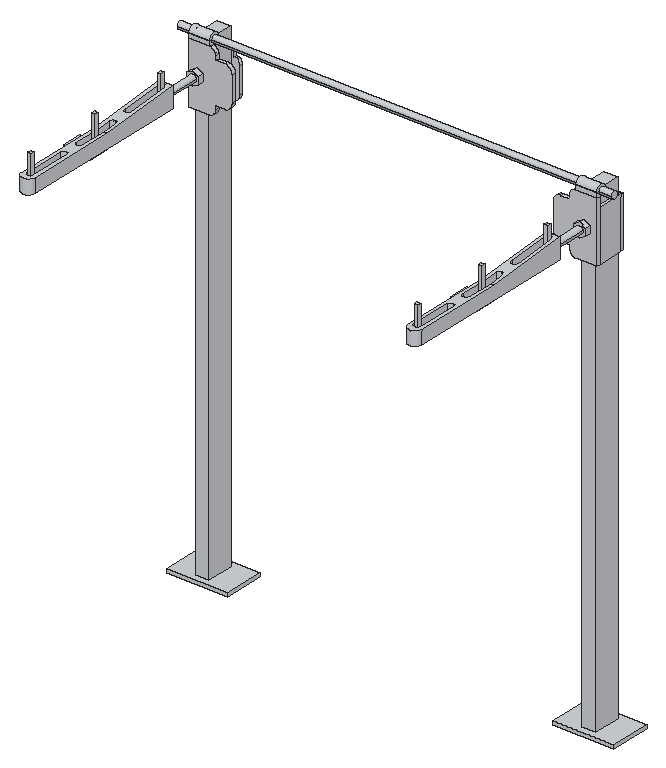
Revit family
Parameters (values of type "MC-41")
  Model = "MC-42"
  Manufacturer = "MIFAB"
  Description = "Lavatory Carrier"
Reference planes (in)
  plane 1 "Center (Front/Back)": y = 0
  plane 2: z = 0
  plane 3 "Center (Left/Right)": x = 0
Forms (in)
  Extrusion 1, solid
    sketch origin (0, 0, 0) x (1, 0, 0) y (0, 1, 0)
      loop
        line (-16.49824, 1.5) -> (-16.49824, -1.5) -> (-11.99824, -1.5) -> (-11.99824, 1.5) -> (-16.49824, 1.5)
      loop
        line (16.50176, 1.5) -> (12.00176, 1.5) -> (12.00176, -1.5) -> (16.50176, -1.5) -> (16.50176, 1.5)
    from 0 to 0.25
  Extrusion 2, solid
    sketch origin (0, 0, 0) x (1, 0, 0) y (0, 1, 0)
      loop
        line (-14.74824, 1) -> (-14.74824, -1) -> (-13.74824, -1) -> (-13.74824, 1) -> (-14.74824, 1)
      loop
        line (14.75176, 1) -> (13.75176, 1) -> (13.75176, -1) -> (14.75176, -1) -> (14.75176, 1)
    from 0.25 to 36
  Extrusion 3, solid
    sketch origin (0, 0, 0) x (1, 0, 0) y (0, 0, 1)
      loop
        line (-15.01765, 35.70792) -> (-15.01765, 31.20792) -> (-13.5084, 31.20792)
        arc (-13.5084, 31.20792) -> (-13.18348, 31.3425) -> (-13.0489, 31.66742) r 0.4595
        line (-13.0489, 31.66742) -> (-13.0489, 31.95792) -> (-12.40223, 31.95792)
        arc (-12.40223, 31.95792) -> (-11.99771, 32.12548) -> (-11.83015, 32.53) r 0.57208
        line (-11.83015, 32.53) -> (-11.83015, 34.38583)
        arc (-11.83015, 34.38583) -> (-11.99771, 34.79036) -> (-12.40223, 34.95792) r 0.57208
        line (-12.40223, 34.95792) -> (-13.0489, 34.95792) -> (-13.0489, 35.24842)
        arc (-13.0489, 35.24842) -> (-13.18348, 35.57333) -> (-13.5084, 35.70792) r 0.4595
        line (-13.5084, 35.70792) -> (-15.01765, 35.70792)
      loop
        line (15.02118, 35.70792) -> (13.51193, 35.70792)
        arc (13.51193, 35.70792) -> (13.18701, 35.57333) -> (13.05243, 35.24842) r 0.4595
        line (13.05243, 35.24842) -> (13.05243, 34.95792) -> (12.40576, 34.95792)
        arc (12.40576, 34.95792) -> (12.00124, 34.79036) -> (11.83368, 34.38583) r 0.57208
        line (11.83368, 34.38583) -> (11.83368, 32.53)
        arc (11.83368, 32.53) -> (12.00124, 32.12548) -> (12.40576, 31.95792) r 0.57208
        line (12.40576, 31.95792) -> (13.05243, 31.95792) -> (13.05243, 31.66742)
        arc (13.05243, 31.66742) -> (13.18701, 31.3425) -> (13.51193, 31.20792) r 0.4595
        line (13.51193, 31.20792) -> (15.02118, 31.20792) -> (15.02118, 35.70792)
    from 1 to 1.25
  Extrusion 4, solid
    sketch origin (0, 0, 0) x (1, 0, 0) y (0, 1, 0)
      loop
        line (-15.01765, 1.17222) -> (-15.01765, -1) -> (-14.74824, -1) -> (-14.74824, 1.17222) -> (-15.01765, 1.17222)
      loop
        line (15.02118, 1.17222) -> (14.75176, 1.17222) -> (14.75176, -1) -> (15.02118, -1) -> (15.02118, 1.17222)
    from 31.20792 to 34.95792
  Extrusion 5, solid
    sketch origin (0, 0, 0) x (1, 0, 0) y (0, 0, 1)
      loop
        line (13.51193, 31.20792) -> (15.02118, 31.20792) -> (15.02118, 34.95792) -> (13.51193, 34.95792) -> (13.51193, 34.03892)
        arc (13.51193, 34.03892) -> (13.18701, 33.90433) -> (13.05243, 33.57942) r 0.4595
        line (13.05243, 33.57942) -> (13.05243, 31.66742)
        arc (13.05243, 31.66742) -> (13.18701, 31.3425) -> (13.51193, 31.20792) r 0.4595
      loop
        line (-15.01765, 34.95792) -> (-15.01765, 31.20792) -> (-13.5084, 31.20792)
        arc (-13.5084, 31.20792) -> (-13.18348, 31.3425) -> (-13.0489, 31.66742) r 0.4595
        line (-13.0489, 31.66742) -> (-13.0489, 33.57942)
        arc (-13.0489, 33.57942) -> (-13.18348, 33.90433) -> (-13.5084, 34.03892) r 0.4595
        line (-13.5084, 34.03892) -> (-13.5084, 34.95792) -> (-15.01765, 34.95792)
    from -1.17222 to -1
  Extrusion 6, solid
    sketch origin (0.00176, 0, 0) x (0, 1, 0) y (0, 0, 1)
      loop
        arc (-1, 36.05469) -> (-0.8261, 36.19805) -> (-0.71854, 36) r 0.14604
        line (-0.71854, 36) -> (-0.46171, 36)
        arc (-0.46171, 36) -> (-0.82655, 36.44978) -> (-1.25, 36.05469) r 0.39604
        line (-1.25, 36.05469) -> (-1.25, 35.70792) -> (-1, 35.70792) -> (-1, 36.05469)
    from 13.51016 to 15.01941
  Extrusion 7, solid
    sketch origin (0, 0, 0) x (0, 1, 0) y (0, 0, -1)
      loop
        line (-1, -36.05469) -> (-1, -35.70792) -> (-1.25, -35.70792) -> (-1.25, -36.05469)
        arc (-1.25, -36.05469) -> (-0.82655, -36.44978) -> (-0.46171, -36) r 0.39604
        line (-0.46171, -36) -> (-0.71854, -36)
        arc (-0.71854, -36) -> (-0.8261, -36.19805) -> (-1, -36.05469) r 0.14604
    from 13.51016 to 15.01941
  Extrusion 8, solid
    sketch origin (64.24718, 0, 0) x (0, 1, 0) y (0, 0, 1)
      loop
        circle (-0.85396, 36.06641) r 0.25
    from -80.24542 to -48.24542
  Extrusion 9, solid
    sketch origin (13.75176, 1.5, 0) x (0, 1, 0) y (0, 0, 1)
      loop
        line (-5.80094, 32.8507) -> (-5.80094, 34.37564) -> (-11.80094, 33.8507) -> (-17.80094, 33.8507) -> (-17.80094, 32.8507) -> (-5.80094, 32.8507)
    from 0 to 1
  Extrusion 10, solid
    sketch origin (0, 0, 0.26247) x (1, 0, 0) y (0, 0, 1)
      loop
        circle (14.25176, 33.3507) r 0.25
      loop
        circle (-14.24824, 33.3507) r 0.25
    from 1.87898 to 4.30094
  Extrusion 11, solid
    sketch origin (0, 0, 0) x (1, 0, 0) y (0, 0, 1)
      loop
        line (13.80665, 33.87016) -> (13.80665, 33.35618) -> (14.25176, 33.09919) -> (14.69688, 33.35618) -> (14.69688, 33.87016) -> (14.25176, 34.12715) -> (13.80665, 33.87016)
      loop
        line (-13.80312, 33.87016) -> (-14.24824, 34.12715) -> (-14.69335, 33.87016) -> (-14.69335, 33.35618) -> (-14.24824, 33.09919) -> (-13.80312, 33.35618) -> (-13.80312, 33.87016)
    from 1.5 to 1.87898
  Extrusion 12, solid
    sketch origin (-13.74824, 1.5, 0) x (0, 1, 0) y (0, 0, -1)
      loop
        line (-5.80094, -32.8507) -> (-17.80094, -32.8507) -> (-17.80094, -33.8507) -> (-11.80094, -33.8507) -> (-5.80094, -34.37564) -> (-5.80094, -32.8507)
    from 0 to 1
  Extrusion 13, solid
    sketch origin (0.00353, 0, 32.8507) x (-1, 0, 0) y (0, -1, 0)
      loop
        line (13.75176, 16.30094) -> (14.75176, 16.30094) -> (14.75176, 17)
        arc (14.75176, 17) -> (14.25176, 17.5) -> (13.75176, 17) r 0.5
        line (13.75176, 17) -> (13.75176, 16.30094)
    from 0 to 1
  Extrusion 14, solid
    sketch origin (0, 0, 32.8507) x (1, 0, 0) y (0, 1, 0)
      loop
        line (13.75176, -16.30094) -> (13.75176, -17)
        arc (13.75176, -17) -> (14.25176, -17.5) -> (14.75176, -17) r 0.5
        line (14.75176, -17) -> (14.75176, -16.30094) -> (13.75176, -16.30094)
    from 0 to 1
  Extrusion 15, void
    sketch origin (0, 0, 0) x (1, 0, 0) y (0, 1, 0)
      loop
        line (-14.49824, -4.80094) -> (-14.49824, -7.80094)
        arc (-14.49824, -7.80094) -> (-14.24824, -8.05094) -> (-13.99824, -7.80094) r 0.25
        line (-13.99824, -7.80094) -> (-13.99824, -4.80094)
        arc (-13.99824, -4.80094) -> (-14.24824, -4.55094) -> (-14.49824, -4.80094) r 0.25
      loop
        line (-14.49824, -9.30094) -> (-14.49824, -12.30094)
        arc (-14.49824, -12.30094) -> (-14.24824, -12.55094) -> (-13.99824, -12.30094) r 0.25
        line (-13.99824, -12.30094) -> (-13.99824, -9.30094)
        arc (-13.99824, -9.30094) -> (-14.24824, -9.05094) -> (-14.49824, -9.30094) r 0.25
      loop
        line (-14.49824, -13.80094) -> (-14.49824, -16.80094)
        arc (-14.49824, -16.80094) -> (-14.24824, -17.05094) -> (-13.99824, -16.80094) r 0.25
        line (-13.99824, -16.80094) -> (-13.99824, -13.80094)
        arc (-13.99824, -13.80094) -> (-14.24824, -13.55094) -> (-14.49824, -13.80094) r 0.25
      loop
        arc (14.50176, -4.80094) -> (14.25176, -4.55094) -> (14.00176, -4.80094) r 0.25
        line (14.00176, -4.80094) -> (14.00176, -7.80094)
        arc (14.00176, -7.80094) -> (14.25176, -8.05094) -> (14.50176, -7.80094) r 0.25
        line (14.50176, -7.80094) -> (14.50176, -4.80094)
      loop
        arc (14.50176, -9.30094) -> (14.25176, -9.05094) -> (14.00176, -9.30094) r 0.25
        line (14.00176, -9.30094) -> (14.00176, -12.30094)
        arc (14.00176, -12.30094) -> (14.25176, -12.55094) -> (14.50176, -12.30094) r 0.25
        line (14.50176, -12.30094) -> (14.50176, -9.30094)
      loop
        arc (14.50176, -13.80094) -> (14.25176, -13.55094) -> (14.00176, -13.80094) r 0.25
        line (14.00176, -13.80094) -> (14.00176, -16.80094)
        arc (14.00176, -16.80094) -> (14.25176, -17.05094) -> (14.50176, -16.80094) r 0.25
        line (14.50176, -16.80094) -> (14.50176, -13.80094)
    from 33.29844 to 34.37564
  Extrusion 16, solid
    sketch origin (0, 0, 0) x (1, 0, 0) y (0, 1, 0)
      loop
        line (-14.37324, -16.67594) -> (-14.37324, -16.92594) -> (-14.12324, -16.92594) -> (-14.12324, -16.67594) -> (-14.37324, -16.67594)
      loop
        line (14.37676, -16.67594) -> (14.12676, -16.67594) -> (14.12676, -16.92594) -> (14.37676, -16.92594) -> (14.37676, -16.67594)
      loop
        line (-14.37324, -4.95816) -> (-14.12324, -4.95816) -> (-14.12324, -4.70816) -> (-14.37324, -4.70816) -> (-14.37324, -4.95816)
      loop
        line (14.37676, -4.95816) -> (14.37676, -4.70816) -> (14.12676, -4.70816) -> (14.12676, -4.95816) -> (14.37676, -4.95816)
    from 33.29844 to 35.29844
  Extrusion 17, solid
    sketch origin (0, 0, 0.64279) x (1, 0, 0) y (0, 1, 0)
      loop
        line (-15.99824, -10.07993) -> (-15.99824, -11.57993) -> (-13.99824, -11.57993) -> (-13.99824, -10.07993) -> (-15.99824, -10.07993)
      loop
        line (12.50176, -10.07993) -> (12.50176, -11.57993) -> (14.50176, -11.57993) -> (14.50176, -10.07993) -> (12.50176, -10.07993)
    from 31.95792 to 32.20792
  Extrusion 18, solid
    sketch origin (0, 5.89811, 0) x (1, 0, 0) y (0, 1, 0)
      loop
        line (-14.37324, -16.67594) -> (-14.37324, -16.92594) -> (-14.12324, -16.92594) -> (-14.12324, -16.67594) -> (-14.37324, -16.67594)
      loop
        line (14.37676, -16.67594) -> (14.12676, -16.67594) -> (14.12676, -16.92594) -> (14.37676, -16.92594) -> (14.37676, -16.67594)
    from 33.29844 to 35.29844
Cuts and joins
  Extrusion 15 cuts Extrusion 12
  Extrusion 15 cuts Extrusion 13
  joined: Extrusion 12, Extrusion 13
  Extrusion 15 cuts Extrusion 9
  Extrusion 15 cuts Extrusion 14
  joined: Extrusion 9, Extrusion 14
Dimensions and locks (in)
  Extrusion 1 sketch curve to Extrusion 1 sketch curve = 2' - 0"  (x2)
  locked: Extrusion 1 sketch curve to Extrusion 1 sketch curve at 4.5  (x2)
  aligned and locked: Extrusion 2 to Extrusion 1
  aligned and locked: Extrusion 3 to Extrusion 2
  aligned and locked: Extrusion 4 to Extrusion 3  (x2)
  aligned and locked: Extrusion 5 to Extrusion 2
  aligned and locked: Extrusion 5 to Extrusion 4
